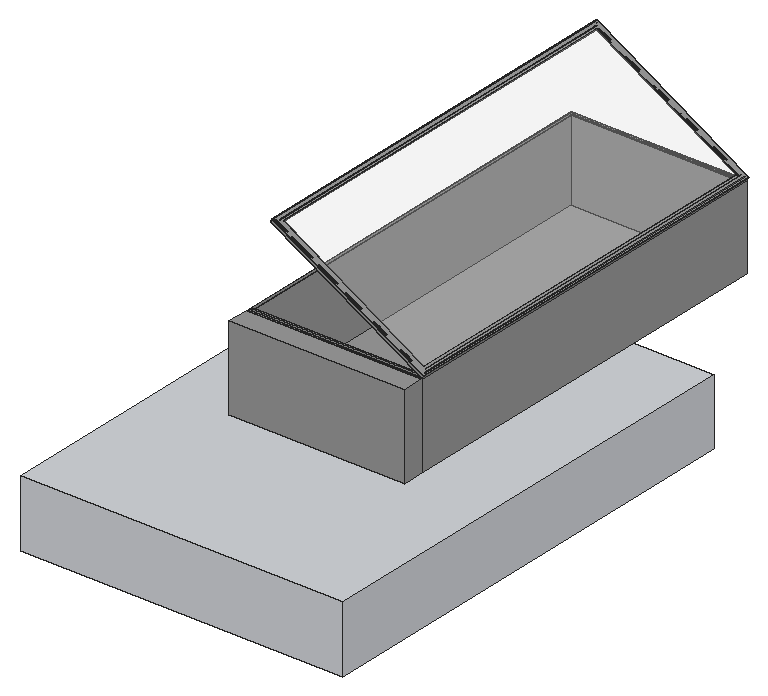
Revit family "Hager-Univers-IP55-D400-H1950-Cl.II-Steel_encl-DE-de", category Equipement électrique, Revit 2020
Family settings
  Hôte = Face
  Configuration du panneau = Deux colonnes, circuits au sein
  Cote de connecteur circulaire = Utiliser le diamètre
  Type d'élément = Tableau de raccordement
  Couper avec des vides une fois chargée = Non
  Partagée = Non
  Point de calcul de pièce = Non
Parameters (values of type "Bodenaufstellung IP55 B800 H1950 T400  - FR23U1")
  Width Control [instance] = if([EF000008 - Breite] > Min Width, [EF000008 - Breite], Min Width)  # 800 mm
  Commentaires du type = [HG000003 - Bereich]  # "Univers"
  Thickness Door [instance] = if([EF009171 - Materialstärke Tür/Deckel] > 3 mm, 3 mm, [EF009171 - Materialstärke Tür/Deckel])  # 1.5 mm
  Seal Frame Offset [instance] = 17 mm  # constant formula
  Plinth Visibility [instance] = [HG000027 - Sockelhöhe] > 0 mm  # yes
  Model = ""
  Min Width [instance] = 100 mm  # constant formula
  Min Height [instance] = 100 mm  # constant formula
  Min Depth [instance] = (2 * [EF009170 - Materialstärke Gehäuse]) + 1 mm  # 4 mm
  Internal Frame Depth [instance] = (Door System Depth * 0.5)  # 9 mm
  Height Control [instance] = if([EF000040 - Höhe] > Min Height, [EF000040 - Höhe], Min Height)  # 1950 mm
  HG000027 - Sockelhöhe = 100 mm
  HG000026 - Stehend auf dem Boden = yes
  HG000024 - Höhe des unteren Teils = 800 mm
  HG000023 - Gehäuse mit doppeltem Querschnitt = no
  HG000016 - 3D-Türsichtbarkeit [instance] = yes
  HG000015 - Sichtbarkeit der Türöffnung [instance] = no
  HG000014 - Tür rechts [instance] = yes
  HG000013 - Tür links [instance] = not([HG000014 - Tür rechts])  # no
  HG000012 - Türschwenkwinkel [instance] = 30.00°
  HG000010 - Asymmetrische Türen = no
  HG000009 - Doppelflügeligen Tür = no
  HG000006 - Unterputz = no
  HG000004 - Herstellerreferenz = "FR23U1"
  HG000003 - Bereich = "Univers"
  HG000002 - Mit tür = yes
  Frame Offset Bottom [instance] = 10 mm  # constant formula
  Frame Offset [instance] = 15 mm  # constant formula
  EF015940 - Deckel mit Überdruckentlastung = no
  EF011959 - Schutzart (NEMA) = ""
  EF009554 - Anzahl der Öffnungen für Flanschplatten = 6
  Fabricant = "Hager"  # constant formula
  EF009212 - Ausführung Deckel = "EV000116 - geschlossen"
  EF009171 - Materialstärke Tür/Deckel = 1.5 mm
  EF009170 - Materialstärke Gehäuse = 1.5 mm
  EF008873 - Nennstrom (In) = 800 A
  EF007800 - Geeignet für Blitzschutz = no
  EF006306 - Mit Schloss = no
  EF006244 - Transparenter Deckel/Tür = yes
  EF005474 - Schutzart (IP) = "EV006420 - IP55"
  EF004464 - Art der Tür = "EV002646 - Einzel"
  EF004427 - Anzahl der Module = 432
  EF004293 - Schlagfestigkeit = "EV008784 - IK10"
  EF003532 - Geeignet für Außengebrauch = no
  EF002950 - Breite in Teilungseinheiten = 24
  EF001613 - Funktionserhalt = "EV000494 - ohne"
  EF001596 - Werkstoff des Gehäuses = "EV000179 - Stahl"
  EF001131 - Innentiefe = 400 mm
  EF001088 - Anbaumöglichkeit = yes
  EF000437 - Anzahl der Leitungseinführungen = 6
  EF000339 - Art der Abdeckung = "EV004216 - Tür"
  EF000266 - Anzahl der Reihen = 12
  EF000218 - Einbautiefe = 0 mm
  EF000118 - Mit Montageplatte = no
  EF000116 - RAL-Nummer = "7035"
  EF000049 - Tiefe = 400 mm
  EF000040 - Höhe = 1950 mm
  EF000008 - Breite = 800 mm
  EF000007 - Farbe = "EV000270 - grau"
  EF000003 - Montageart = "EV012274 - Bodenaufstellung"
  Door System Leaf Tolerance [instance] = 1.5 mm  # constant formula
  Door System Depth [instance] = 18 mm  # constant formula
  Door Height [instance] = Height Control - [HG000027 - Sockelhöhe]  # 1850 mm
  Depth Control [instance] = if([EF000049 - Tiefe] > Min Depth, [EF000049 - Tiefe], Min Depth)  # 400 mm
  Default Elevation = 0 mm
  Connector Offset [instance] = Height Control / 2  # 975 mm
  Bottom Top Plate Trim [instance] = 1.5 mm  # constant formula
  Plinth height Ctrl [instance] = if([HG000027 - Sockelhöhe] > 0 mm, [HG000027 - Sockelhöhe], 12 mm)  # 100 mm
Types (11, lengths in mm): name | Width Control | HG000010 - Asymmetrische Türen | HG000009 - Doppelflügeligen Tür | HG000004 - Herstellerreferenz | EF009554 - Anzahl der Öffnungen für Flanschplatten | EF006244 - Transparenter Deckel/Tür | EF004464 - Art der Tür | EF004427 - Anzahl der Module | EF000437 - Anzahl der Leitungseinführungen | EF000008 - Breite
  Bodenaufstellung IP55 B1050 H1950 T400  - FR24H1 | 1050 | yes | yes | "FR24H1" | 8 | no | "EV003602 - Doppel" | 576 | 8 | 1050
  Bodenaufstellung IP55 B1050 H1950 T400  - FR24U1 | 1050 | yes | yes | "FR24U1" | 8 | yes | "EV003602 - Doppel" | 576 | 8 | 1050
  Bodenaufstellung IP55 B1300 H1950 T400  - FR25H1 | 1300 | yes | yes | "FR25H1" | 10 | no | "EV003602 - Doppel" | 720 | 10 | 1300
  Bodenaufstellung IP55 B1300 H1950 T400  - FR25U1 | 1300 | yes | yes | "FR25U1" | 10 | yes | "EV003602 - Doppel" | 720 | 10 | 1300
  Bodenaufstellung IP55 B1550 H1950 T400  - FR26H1 | 1550 | yes | yes | "FR26H1" | 12 | no | "EV003602 - Doppel" | 864 | 12 | 1550
  Bodenaufstellung IP55 B1550 H1950 T400  - FR26U1 | 1550 | yes | yes | "FR26U1" | 12 | yes | "EV003602 - Doppel" | 864 | 12 | 1550
  Bodenaufstellung IP55 B300 H1950 T400  - FR21H1 | 300 | no | no | "FR21H1" | 2 | no | "EV002646 - Einzel" | 144 | 2 | 300
  Bodenaufstellung IP55 B550 H1950 T400  - FR22H1 | 550 | no | no | "FR22H1" | 4 | no | "EV002646 - Einzel" | 288 | 4 | 550
  Bodenaufstellung IP55 B550 H1950 T400  - FR22U1 | 550 | no | no | "FR22U1" | 4 | yes | "EV002646 - Einzel" | 288 | 4 | 550
  Bodenaufstellung IP55 B800 H1950 T400  - FR23H1 | 800 | no | no | "FR23H1" | 6 | no | "EV002646 - Einzel" | 432 | 6 | 800
  Bodenaufstellung IP55 B800 H1950 T400  - FR23U1 | 800 | no | no | "FR23U1" | 6 | yes | "EV002646 - Einzel" | 432 | 6 | 800
Reference planes
  plane 1 "Center (Front/Back)": y = 0
  plane 2: z = 0
  plane 3 "Center (Left/Right)": x = 0
  plane 4: z = 400
  plane 5: y = 101.5
  plane 6: y = 1025
  plane 7: y = 100
  plane 8: y = 1950
  plane 9: z = 0
  plane 10: x = -385
  plane 11: x = 385
  plane 12: x = 383.5
  plane 13: x = -383.5
  plane 14: y = 1948.5
  plane 15: x = -383
  plane 16: x = -400
  plane 17: x = 383
  plane 18: x = 400
  plane 19: x = 398.5
  plane 20: x = -398.5
  plane 21: y = 111.5
  plane 22: y = 1950
  plane 23: y = 1933.5
  plane 24: z = 382
  plane 25: z = 1.5
  plane 26: z = 380.5
  plane 27: z = 398.5
Forms (mm)
  Extrusion 1, solid
    sketch origin (0, 0, 0) x (1, 0, 0) y (0, 1, 0)
      loop
        line (-702.964, 1305) -> (-702.964, -811.445) -> (766.763, -811.445) -> (766.763, 1305) -> (-702.964, 1305)
    from 0 to -304.8
  Extrusion 2, solid, material "Hager_Steel_RAL7035_Light_Grey", visible <- "Plinth Visibility", detail levels medium+fine
    sketch origin (0, 0, 0) x (1, 0, 0) y (0, 1, 0)
      loop
        line (-400, 0) -> (400, 0) -> (400, 100) -> (-400, 100) -> (-400, 0)
    from 0 to 382
  Extrusion 3, solid, material "Hager_Steel_RAL7035_Light_Grey", detail levels medium+fine
    sketch origin (0, 0, 0) x (1, 0, 0) y (0, 1, 0)
      loop
        line (-400, 100) -> (400, 100) -> (400, 1950) -> (-400, 1950) -> (-400, 100)
    from 0 to 382
  Extrusion 4, void
    sketch origin (0, 0, 0) x (1, 0, 0) y (0, 1, 0)
      loop
        line (-398.5, 101.5) -> (398.5, 101.5) -> (398.5, 1948.5) -> (-398.5, 1948.5) -> (-398.5, 101.5)
    from 1.5 to 380.5
  Extrusion 5, void
    sketch origin (-381.607, -4572, 382) x (0, -1, 0) y (-1, 0, 0)
      loop
        line (-4683.5, 1.893) -> (-6505.5, 1.893) -> (-6505.5, -765.107) -> (-4683.5, -765.107) -> (-4683.5, 1.893)
    from 0 to 1.5 <- "EF009170 - Materialstärke Gehäuse"
  Extrusion 6, solid, material "Hager_Steel_RAL7035_Light_Grey", detail levels fine
    sketch origin (0, 0, 382) x (1, 0, 0) y (0, 1, 0)
      loop
        line (-383.5, 1933.5) -> (-383.5, 111.5) -> (383.5, 111.5) -> (383.5, 1933.5) -> (-383.5, 1933.5)
      loop
        line (-385, 110) -> (385, 110) -> (385, 1935) -> (-385, 1935) -> (-385, 110)
    from 0 to 9 <- "Internal Frame Depth"
  Extrusion 7, solid, material "Hager_Steel_RAL7035_Light_Grey", detail levels coarse
    sketch origin (0, 0, 0) x (1, 0, 0) y (0, 1, 0)
      loop
        line (-400, 0) -> (400, 0) -> (400, 1950) -> (-400, 1950) -> (-400, 0)
    from 0 to 400
  Sweep 8, void
    path in 3D
      loop
        line (-400, 100, 0) -> (400, 100, 0) -> (400, 100, 382) -> (-400, 100, 382) -> (-400, 100, 0)
    profile origin (-400, 100, 191) x (-1, 0, 0) y (0, -1, 0)
      loop
        line (0, 0) -> (0, 1.5) -> (-1.5, 1.5)
        arc (-1.5, 1.5) -> (-1.061, 0.439) -> (0, 0) r 1.5
Cuts and joins
  Extrusion 4, Extrusion 5 cuts Extrusion 3
  Sweep 8 cuts Extrusion 2
Lines and regions (mm)
  Masking region 1
    outline origin (0, 0, 0) x (1, 0, 0) y (0, 0, 1)
      loop
        line (-400, 400) -> (-400, 0) -> (400, 0) -> (400, 400) -> (-400, 400)
  Masking region 2, detail levels medium+fine
    outline origin (0, 140, 0) x (0, 1, 0) y (0, 0, 1)
      loop
        line (-40, 0) -> (1810, 0) -> (1810, 382) -> (-40, 382) -> (-40, 0)
  Masking region 3, not visible, detail levels medium+fine
    outline origin (0, 297.922, 0) x (0, 1, 0) y (0, 0, 1)
      loop
        line (738.578, 0) -> (778.578, 0) -> (778.578, 388.5)
        arc (778.578, 388.5) -> (775.649, 395.571) -> (768.578, 398.5) r 10
        line (768.578, 398.5) -> (738.578, 398.5) -> (738.578, 0)
  Masking region 4, detail levels coarse
    outline origin (0, 0, 180) x (0, 1, 0) y (0, 0, 1)
      loop
        line (0, -180) -> (1950, -180) -> (1950, 220) -> (0, 220) -> (0, -180)
  Masking region 5, visible <- "Plinth Visibility", detail levels medium+fine
    outline origin (0, 52.24, 12.345) x (0, 0, -1) y (0, 1, 0)
      loop
        line (10.845, 47.76) -> (-368.155, 47.76)
        arc (-368.155, 47.76) -> (-368.594, 46.699) -> (-369.655, 46.26) r 1.5
        line (-369.655, 46.26) -> (-369.655, -52.24) -> (12.345, -52.24) -> (12.345, 46.26)
        arc (12.345, 46.26) -> (11.285, 46.699) -> (10.845, 47.76) r 1.5
  Masking region 6, detail levels medium+fine
    outline origin (-381.607, -4572, 382) x (-1, 0, 0) y (0, -1, 0)
      loop
        line (18.393, -6522) -> (18.393, -4672) -> (-781.607, -4672) -> (-781.607, -6522) -> (18.393, -6522)
  Masking region 7, visible <- "Plinth Visibility", detail levels medium+fine
    outline origin (-381.607, -4727, 382) x (-1, 0, 0) y (0, -1, 0)
      loop
        arc (16.893, -4827) -> (17.332, -4825.939) -> (18.393, -4825.5) r 1.5
        line (18.393, -4825.5) -> (18.393, -4727) -> (-781.607, -4727) -> (-781.607, -4825.5)
        arc (-781.607, -4825.5) -> (-780.546, -4825.939) -> (-780.107, -4827) r 1.5
        line (-780.107, -4827) -> (16.893, -4827)
  Masking region 8, detail levels coarse
    outline origin (-442.548, -4669.526, 382) x (-1, 0, 0) y (0, -1, 0)
      loop
        line (-42.548, -6619.526) -> (-42.548, -4669.526) -> (-842.548, -4669.526) -> (-842.548, -6619.526) -> (-42.548, -6619.526)
  sketch lines
    curve 1: line (-400, 100, 382) -> (-400, 100, 0)
    curve 2: line (400, 100, 382) -> (-400, 100, 382)
    curve 3: line (400, 100, 382) -> (400, 100, 0)
    curve 4: line (-400, 100, 0) -> (400, 100, 0)
Dimensions and locks
  "Depth Control": plane 4 to Extrusion 1
  "HG000027 - Sockelhöhe": plane 1 "Center (Front/Back)" to plane 7
  "EF009170 - Materialstärke Gehäuse": plane 5 to plane 7
  locked: connector elem to plane 3 "Center (Left/Right)"
  equal spacing: plane 8, plane 6, plane 7
  locked: connector elem to plane 6
  "EF009170 - Materialstärke Gehäuse": plane 8 to plane 14
  "EF009170 - Materialstärke Gehäuse": plane 10 to plane 13
  "EF009170 - Materialstärke Gehäuse": plane 12 to plane 11
  "Frame Offset": plane 20 to plane 13
  "Frame Offset": plane 12 to plane 19
  "EF009170 - Materialstärke Gehäuse": plane 16 to plane 20
  "EF009170 - Materialstärke Gehäuse": plane 19 to plane 18
  "Seal Frame Offset": plane 16 to plane 15
  "Seal Frame Offset": plane 17 to plane 18
  "Frame Offset Bottom": plane 21 to plane 5
  "Frame Offset": plane 14 to plane 23
  equal spacing: plane 16, plane 3 "Center (Left/Right)", plane 18
  "Width Control": plane 16 to plane 18
  "EF009170 - Materialstärke Gehäuse": plane 4 to plane 27
  "EF009170 - Materialstärke Gehäuse": plane 24 to plane 26
  "EF009170 - Materialstärke Gehäuse": plane 25 to level
  "Door System Depth": plane 4 to plane 24
  "Height Control": plane 1 "Center (Front/Back)" to Extrusion 7 sketch curve
  "Height Control": Masking region 4 sketch curve to plane 1 "Center (Front/Back)"
  "Height Control": plane 1 "Center (Front/Back)" to plane 22
  "Bottom Top Plate Trim": profile plane to Sweep 8 sketch curve
  "Bottom Top Plate Trim": Sweep 8 sketch curve to profile plane
  "Plinth height Ctrl": plane 1 "Center (Front/Back)" to Extrusion 2 sketch curve
  "Plinth height Ctrl": Masking region 5 sketch curve to plane 1 "Center (Front/Back)"
  "Plinth height Ctrl": plane 1 "Center (Front/Back)" to Masking region 7 sketch curve
  "Thickness Door": Extrusion 6 sketch curve to Extrusion 6 sketch curve  (x3)
  "Thickness Door": cut or joined group of Extrusion 3, Extrusion 4, Extrusion 5 to Extrusion 6 sketch curve
  radius of Masking region 3 sketch curve = 10 mm
  "Bottom Top Plate Trim": radius of Masking region 5 sketch curve  (x2)
  "Bottom Top Plate Trim": radius of Sweep 8 sketch curve
  "Bottom Top Plate Trim": radius of Masking region 7 sketch curve  (x2)
  aligned and locked: plane 2 to Extrusion 1
  aligned and locked: level to Extrusion 1
  aligned and locked: level to Masking region 1 sketch curve
  aligned and locked: Masking region 1 sketch curve to plane 18
  aligned and locked: Masking region 1 sketch curve to plane 16
  aligned and locked: plane 7 to Masking region 2 sketch curve
  aligned and locked: level to Masking region 3 sketch curve
  aligned and locked: Masking region 3 sketch curve to plane 27
  aligned and locked: level to Masking region 2 sketch curve
  aligned and locked: plane 1 "Center (Front/Back)" to Extrusion 2 sketch curve
  aligned and locked: Extrusion 3 sketch curve to plane 7
  aligned and locked: plane 16 to Extrusion 3 sketch curve
  aligned and locked: plane 18 to Extrusion 3 sketch curve
  aligned and locked: plane 20 to Extrusion 4 sketch curve
  aligned and locked: plane 19 to Extrusion 4 sketch curve
  aligned and locked: Extrusion 4 sketch curve to plane 5
  aligned and locked: Extrusion 4 to plane 25
  aligned and locked: plane 26 to Extrusion 4
  aligned and locked: plane 24 to Extrusion 3
  aligned and locked: Extrusion 5 sketch curve to plane 21
  aligned and locked: Extrusion 5 sketch curve to plane 13
  aligned and locked: Extrusion 5 sketch curve to plane 12
  aligned and locked: plane 18 to Extrusion 7 sketch curve
  aligned and locked: plane 1 "Center (Front/Back)" to Extrusion 7 sketch curve
  aligned and locked: plane 16 to Extrusion 7 sketch curve
  aligned and locked: plane 4 to Extrusion 7
  aligned and locked: Extrusion 7 to level
  aligned and locked: level to Masking region 4 sketch curve
  aligned and locked: Masking region 4 sketch curve to plane 1 "Center (Front/Back)"
  aligned and locked: Masking region 4 sketch curve to plane 4
  aligned and locked: nested 1 to level
  aligned and locked: nested 1 to plane 16
  aligned and locked: plane 8 to Extrusion 3 sketch curve
  aligned and locked: plane 23 to Extrusion 5 sketch curve
  aligned and locked: plane 14 to Extrusion 4 sketch curve
  aligned and locked: Masking region 2 sketch curve to plane 8
  aligned and locked: level to Masking region 5 sketch curve
  aligned and locked: plane 16 to Extrusion 2 sketch curve
  aligned and locked: plane 18 to Extrusion 2 sketch curve
  aligned and locked: Masking region 5 sketch curve to plane 24
  aligned and locked: Masking region 2 sketch curve to plane 24
  aligned and locked: plane 24 to Extrusion 2
  aligned and locked: profile plane to Sweep 8 sketch curve  (x2)
  aligned and locked: Masking region 6 sketch curve to plane 18
  aligned and locked: Masking region 6 sketch curve to plane 22
  aligned and locked: Masking region 6 sketch curve to plane 16
  aligned and locked: plane 8 to plane 22
  aligned and locked: Masking region 6 sketch curve to plane 7
  aligned and locked: Masking region 7 sketch curve to plane 16
  aligned and locked: Masking region 7 sketch curve to plane 1 "Center (Front/Back)"
  aligned and locked: Masking region 7 sketch curve to plane 18
  aligned and locked: Masking region 8 sketch curve to plane 1 "Center (Front/Back)"
  aligned and locked: Masking region 8 sketch curve to plane 18
  aligned and locked: Masking region 8 sketch curve to plane 22
  aligned and locked: Masking region 8 sketch curve to plane 16
  aligned and locked: nested 2 to plane 7
  aligned and locked: plane 3 "Center (Left/Right)" to nested 2
  aligned and locked: nested 2 to plane 24
  aligned and locked: Extrusion 6 sketch curve to cut or joined group of Extrusion 3, Extrusion 4, Extrusion 5  (x4)
Automatic sketch dimensions
  Extrusion 1 sketch curve to Extrusion 1 sketch curve = 1469.727 mm
  Extrusion 1 sketch curve to Extrusion 1 sketch curve = 2116.445 mm
  Masking region 1 sketch curve to plane 4 = 0 mm
  plane 6 to Masking region 3 sketch curve = 11.5 mm
  Masking region 3 sketch curve to Masking region 3 sketch curve = 30 mm
  Masking region 5 sketch curve to plane 1 "Center (Front/Back)" = 0 mm
Nested families
  nested 1: "Hager_Enclosure_Symbol" at (-400, 0, 0) x (1, 0, 0) z (0, -1, 0), Height <- "Depth Control", Width <- "Width Control", type "Hager_Enclosure_Symbol"
    with Width_Ctrl 800 mm, Width 800 mm, Height_Ctrl 400 mm, Height 400 mm, A_Width_Int 26.25 mm, A_Width 315 mm, A_Height_Ctrl 350 mm, A_Height 350 mm
  nested 2: "EC000058_Univers_Door" at (0, 100, 382) x (1, 0, 0) z (0, 1, 0), Leaf_Tolerance <- "Door System Leaf Tolerance", Angle <- "HG000012 - Türschwenkwinkel", Door_Depth <- "Door System Depth", Door_Left <- "HG000013 - Tür links", Transparent <- "EF006244 - Transparenter Deckel/Tür", Assymetrical <- "HG000010 - Asymmetrische Türen", Width <- "Width Control", Clearance <- "HG000015 - Sichtbarkeit der Türöffnung", Double <- "HG000009 - Doppelflügeligen Tür", 3d_Door <- "HG000016 - 3D-Türsichtbarkeit", Lock_Visibility <- "EF006306 - Mit Schloss", Width_Ctrl <- "Width Control", Door_Right <- "HG000014 - Tür rechts", Door <- "HG000002 - Mit tür", Height <- "Door Height", Thickness <- "Thickness Door", type "EC000058_Univers_Door", detail levels medium+fine
    with min_wh 4 mm, Width_Ctrl 800 mm, Width 800 mm, Transparent yes, Thickness 1.5 mm, Seal_Material Hager_Rubber, Lock_Visibility no, Lock_Material Hager_Plastic_RAL9005_Jet_Black, Leaf_Width 800 mm, Leaf_Tolerance_External_Sides 0 mm, Leaf_Tolerance 1.5 mm, Leaf_Offset 0 mm, Leaf_Height 1847 mm, Leaf_2_Width 800 mm, Leaf_2_Offset 400 mm, Leaf_1_Width 800 mm, Leaf_1_Offset 400 mm, Height_Ctrl 1850 mm, Height 1850 mm, Glass_Material Hager_Glass, Double_Clearance_Ctrl no, Double no, Door_Right_Ctrl yes, Door_Right yes, Door_Material Hager_Steel_RAL7035_Light_Grey, Door_Left_Ctrl no, Door_Left no, Door_Depth 18 mm, Door yes, Clearance_Material Hager_Clearance, Clearance_Depth 800 mm, Clearance_Ctrl no, Clearance no, Assymetrical no, Angle 30.00°, 3d_Door yes
Connectors
  electrical at (0, 1025, 0)
    settings: on plane 9, index 1, voltage 0 V, apparent load 0 VA, apparent load phase1 0 VA, apparent load phase2 0 VA, apparent load phase3 0 VA, power factor 1, load classification "Other", number of poles 1, system type 30, power factor state 1, is connector primary yes, connector utility no, sub classification motor no, connector description ""
Definition of nested family "EC000058_Univers_Door"
  Parameters (values of type "EC000058_Univers_Door")
    min_wh [instance] = (2 * Thickness) + 1 mm  # 11 mm
    Width_Ctrl [instance] = 400 mm
    Width [instance] = 500 mm
    Transparent [instance] = yes
    Thickness [instance] = 5 mm
    Seal_Material [instance] = none
    Lock_Visibility [instance] = yes
    Lock_Material [instance] = none
    Leaf_Width [instance] = if((Width_Ctrl - 2 * Leaf_Tolerance_External_Sides) > 0 mm, (Width_Ctrl - 2 * Leaf_Tolerance_External_Sides), min_wh)  # 400 mm
    Leaf_Tolerance_External_Sides [instance] = 0 mm  # constant formula
    Leaf_Tolerance [instance] = 1.5 mm
    Leaf_Offset [instance] = 0 mm  # constant formula
    Leaf_Height [instance] = if((Height_Ctrl - 2 * Leaf_Tolerance) > 0 mm, (Height_Ctrl - 2 * Leaf_Tolerance), min_wh)  # 497 mm
    Leaf_2_Width [instance] = if(and(and(Double, Assymetrical), Door_Left), (Leaf_Width / 3) - (Leaf_Tolerance / 2), if(and(and(Double, Assymetrical), Door_Right), (Leaf_Width / 3) * 2 - (Leaf_Tolerance / 2), if(and(Double, not(Assymetrical)), (Leaf_Width / 2) - Leaf_Tolerance, Leaf_Width)))  # 400 mm
    Leaf_2_Offset [instance] = if(and(Double, Assymetrical), Leaf_2_Width / 2, if(and(Double, not(Assymetrical)), Leaf_Width / 4, Leaf_Width / 2))  # 200 mm
    Leaf_1_Width [instance] = if(and(and(Double, Assymetrical), Door_Right), (Leaf_Width / 3) - (Leaf_Tolerance / 2), if(and(and(Double, Assymetrical), Door_Left), (Width / 3) * 2 - (Leaf_Tolerance / 2), if(and(Double, not(Assymetrical)), (Leaf_Width / 2) - Leaf_Tolerance, Leaf_Width)))  # 400 mm
    Leaf_1_Offset [instance] = if(and(Double, Assymetrical), Leaf_1_Width / 2, if(and(Double, not(Assymetrical)), Leaf_Width / 4, Leaf_Width / 2))  # 200 mm
    Height_Ctrl [instance] = if(Height > min_wh, Height, min_wh)  # 500 mm
    Height [instance] = 500 mm
    Glass_Material [instance] = none
    Double_Clearance_Ctrl [instance] = and(Double, Clearance)  # no
    Double [instance] = no
    Door_Right_Ctrl [instance] = and(or(Door_Right, Double), Door)  # yes
    Door_Right [instance] = yes
    Door_Material [instance] = none
    Door_Left_Ctrl [instance] = and(or(Door_Left, Double), Door)  # no
    Door_Left [instance] = no
    Door_Depth [instance] = 30 mm
    Door [instance] = yes
    Default Elevation = 1219.2 mm
    Clearance_Material [instance] = none
    Clearance_Depth [instance] = if(Leaf_1_Width > Leaf_2_Width, Leaf_1_Width, Leaf_2_Width)  # 400 mm
    Clearance_Ctrl [instance] = and(not(Double), Clearance)  # yes
    Clearance [instance] = yes
    Assymetrical [instance] = yes
    Angle [instance] = 30.00°
    3d_Door [instance] = yes
  Reference planes
    plane 1 "Center (Front/Back)": y = 0
    plane 2 "Bottom": z = 0
    plane 3 "Center (Left/Right)": x = 0
    plane 4: z = 500
    plane 5: x = -200
    plane 6: x = 200
    plane 7: z = 500
    plane 8: x = -200
    plane 9: z = 0
    plane 10: x = 200
    plane 11: y = 0
    plane 12: z = 1.5
    plane 13: x = -600
    plane 14: y = -400
    plane 15: x = 600
    plane 16: x = 0
    plane 17: x = 0
    plane 18: x = -200
    plane 19: x = 200
    plane 20: z = 498.5
  Forms (mm)
    Extrusion 1, solid, material <- "Clearance_Material", visible <- "Double_Clearance_Ctrl"
      sketch origin (1200, 0, 0) x (1, 0, 0) y (0, 0, -1)
        loop
          line (-1800, -498.5) -> (-600, -498.5) -> (-600, 0) -> (-1800, 0) -> (-1800, -498.5)
      from 0 to -400
  Dimensions and locks
    equal spacing: plane 5, plane 3 "Center (Left/Right)", plane 6
    "Width_Ctrl": plane 5 to plane 6
    "Leaf_Offset": plane 5 to plane 8
    "Leaf_Offset": plane 6 to plane 10
    "Leaf_Offset": plane 9 to level
    "Leaf_Offset": plane 4 to plane 7
    "Height_Ctrl": plane 4 to level
    "Leaf_Tolerance": plane 12 to plane 9
    locked: plane 11 to plane 1 "Center (Front/Back)"
    "Leaf_1_Offset": plane 18 to plane 16
    "Leaf_2_Offset": plane 17 to plane 19
    "Leaf_1_Width": plane 13 to plane 8
    "Leaf_2_Width": plane 10 to plane 15
    "Clearance_Depth": plane 14 to plane 1 "Center (Front/Back)"
    "Leaf_Tolerance_External_Sides": plane 8 to plane 18
    "Leaf_Tolerance_External_Sides": plane 19 to plane 10
    "Leaf_Tolerance": plane 7 to plane 20
    aligned and locked: level to plane 2 "Bottom"
    aligned and locked: nested 1 to plane 16
    aligned and locked: nested 2 to plane 17
    aligned and locked: Extrusion 1 to plane 13
    aligned and locked: plane 15 to Extrusion 1
    aligned and locked: Extrusion 1 to plane 14
    aligned and locked: plane 12 to nested 1
    aligned and locked: nested 2 to plane 12
    aligned and locked: Extrusion 1 to plane 11
    aligned and locked: plane 20 to Extrusion 1
    aligned and locked: nested 2 to plane 11
    aligned and locked: nested 1 to plane 11
  Automatic sketch dimensions
    Extrusion 1 sketch curve to level = 0 mm
    plane 5 to Extrusion 1 sketch curve = 400 mm
    plane 6 to Extrusion 1 sketch curve = 400 mm
    Extrusion 1 sketch curve to plane 4 = 1.5 mm
  Nested families
    nested 1: "EC000058_Univers_Door_Leaf" at (0, 0, 1.5), Width <- "Leaf_1_Width", visible <- "Door_Left_Ctrl", Leaf_Height <- "Leaf_Height", Angle <- "Angle", 3d_Door <- "3d_Door", Transparent <- "Transparent", Clearance Material <- "Clearance_Material", Clearance <- "Clearance_Ctrl", Door_Material <- "Door_Material", Glass_Material <- "Glass_Material", Door_Depth <- "Door_Depth", Lock_Material <- "Lock_Material", Seal_Material <- "Seal_Material", Lock_Visibility <- "Lock_Visibility", Thickness <- "Thickness", type "EC000058_Univers_Door_Leaf"
      with Width 400 mm, Transparent_Glass_Offset 30 mm, Transparent_Ctrl yes, Transparent yes, Thickness 5 mm, Standard no, Seal_Material none, Seal_D2 8 mm, Seal_D1 1 mm, Offset_Internal_Frame 10 mm, Lock_Width 20 mm, Lock_Visibility_3d yes, Lock_Visibility yes, Lock_Thickness_3 3 mm, Lock_Thickness_2 1 mm, Lock_Thickness_1 3 mm, Lock_Radius_Offset_2 16 mm, Lock_Radius_Offset_1 15 mm, Lock_Radius_2 5 mm, Lock_Radius 6 mm, Lock_Offset 5 mm, Lock_Material none, Lock_Height 80 mm, Lock_Cover_Top_Offset_2d 17 mm, Lock_Cover_Height -65 mm, Leaf_Height 497 mm, Internal_Seal_Thickness 8 mm, Internal_Seal_Depth_2 4.5 mm, Internal_Frame_Depth 25 mm, Glass_Thickness -1 mm, Glass_Offset -2 mm, Glass_Material none, Door_Material none, Door_Depth 30 mm, Clearance Material none, Clearance yes, Angle_Ctrl 30.00°, Angle 30.00°, 3d_Door yes
    nested 2: "EC000058_Univers_Door_Leaf" at (0, 0, 1.5) x (-1, 0, 0) z (0, 0, 1), Width <- "Leaf_2_Width", visible <- "Door_Right_Ctrl", Leaf_Height <- "Leaf_Height", Angle <- "Angle", 3d_Door <- "3d_Door", Transparent <- "Transparent", Clearance Material <- "Clearance_Material", Clearance <- "Clearance_Ctrl", Door_Material <- "Door_Material", Glass_Material <- "Glass_Material", Door_Depth <- "Door_Depth", Lock_Material <- "Lock_Material", Seal_Material <- "Seal_Material", Lock_Visibility <- "Lock_Visibility", Thickness <- "Thickness", type "EC000058_Univers_Door_Leaf"
      with Width 400 mm, Transparent_Glass_Offset 30 mm, Transparent_Ctrl yes, Transparent yes, Thickness 5 mm, Standard no, Seal_Material none, Seal_D2 8 mm, Seal_D1 1 mm, Offset_Internal_Frame 10 mm, Lock_Width 20 mm, Lock_Visibility_3d yes, Lock_Visibility yes, Lock_Thickness_3 3 mm, Lock_Thickness_2 1 mm, Lock_Thickness_1 3 mm, Lock_Radius_Offset_2 16 mm, Lock_Radius_Offset_1 15 mm, Lock_Radius_2 5 mm, Lock_Radius 6 mm, Lock_Offset 5 mm, Lock_Material none, Lock_Height 80 mm, Lock_Cover_Top_Offset_2d 17 mm, Lock_Cover_Height -65 mm, Leaf_Height 497 mm, Internal_Seal_Thickness 8 mm, Internal_Seal_Depth_2 4.5 mm, Internal_Frame_Depth 25 mm, Glass_Thickness -1 mm, Glass_Offset -2 mm, Glass_Material none, Door_Material none, Door_Depth 30 mm, Clearance Material none, Clearance yes, Angle_Ctrl 30.00°, Angle 30.00°, 3d_Door yes
  Definition of nested family "EC000058_Univers_Door_Leaf"
    Parameters (values of type "EC000058_Univers_Door_Leaf")
      Width [instance] = 2000 mm
      Transparent_Glass_Offset [instance] = 30 mm
      Transparent_Ctrl [instance] = and(Transparent, [3d_Door])  # yes
      Transparent [instance] = yes
      Thickness [instance] = 5 mm
      Standard [instance] = and(not(Transparent), [3d_Door])  # no
      Seal_Material [instance] = none
      Seal_D2 [instance] = 8 mm  # constant formula
      Seal_D1 [instance] = 1 mm  # constant formula
      Offset_Internal_Frame [instance] = 10 mm  # constant formula
      Lock_Width [instance] = 20 mm  # constant formula
      Lock_Visibility_3d [instance] = and(Lock_Visibility, [3d_Door])  # yes
      Lock_Visibility [instance] = yes
      Lock_Thickness_3 [instance] = 3 mm  # constant formula
      Lock_Thickness_2 [instance] = 1 mm  # constant formula
      Lock_Thickness_1 [instance] = 3 mm  # constant formula
      Lock_Radius_Offset_2 [instance] = Lock_Radius_Offset_1 + 1 mm  # 16 mm
      Lock_Radius_Offset_1 [instance] = 15 mm  # constant formula
      Lock_Radius_2 [instance] = Lock_Radius - 1 mm  # 5 mm
      Lock_Radius [instance] = 6 mm  # constant formula
      Lock_Offset [instance] = 5 mm  # constant formula
      Lock_Material [instance] = none
      Lock_Height [instance] = 80 mm  # constant formula
      Lock_Cover_Top_Offset_2d [instance] = Lock_Radius_Offset_2 + 1 mm  # 17 mm
      Lock_Cover_Height [instance] = -(Lock_Height - Lock_Radius_Offset_1)  # -65 mm
      Leaf_Height [instance] = 2720.336 mm
      Internal_Seal_Thickness [instance] = 8 mm  # constant formula
      Internal_Seal_Depth_2 [instance] = 4.5 mm  # constant formula
      Internal_Frame_Depth [instance] = if(Door_Depth - Thickness > 5 mm, Door_Depth - Thickness, 5 mm)  # 25 mm
      Glass_Thickness [instance] = if(Thickness > 15 mm, Glass_Offset + 10 mm, -1 mm)  # -1 mm
      Glass_Offset [instance] = if(Thickness > 15 mm, -(Thickness + 10 mm) / 2, -2 mm)  # -2 mm
      Glass_Material [instance] = none
      Door_Material [instance] = none
      Door_Depth [instance] = 30 mm
      Default Elevation = 0 mm
      Clearance Material [instance] = none
      Clearance [instance] = yes
      Angle_Ctrl [instance] = if(Angle > 180.00°, 180.00°, Angle)  # 90.00°
      Angle [instance] = 90.00°
      3d_Door [instance] = yes
    Reference planes
      plane 1 "Center (Front/Back)": y = 0
      plane 2: z = 0
      plane 3 "Center (Left/Right)": x = 0
      plane 4: y = 2000
      plane 5: x = -1000
      plane 6: x = 1000
      plane 7: x = -3000
      plane 8: z = 2720.336
      plane 9: z = 30
      plane 10: z = 2690.336
      plane 11: x = 970
      plane 12: x = -970
      plane 13: y = -3
      plane 14: z = 107.833
      plane 15: y = -5
      plane 16: y = -223.314
      plane 17: x = -1000
      plane 18: z = 1360.168
      plane 19: y = 30
    Forms (mm)
      Extrusion 1, solid, material <- "Clearance Material", visible <- "Clearance"
        sketch origin (0, 0, 0) x (1, 0, 0) y (0, 0, 1)
          loop
            line (-3000, 2720.336) -> (-3000, 0) -> (1000, 0) -> (1000, 2720.336) -> (-3000, 2720.336)
        from 0 to -2000
      Extrusion 2, solid, material <- "Door_Material", visible <- "Standard", detail levels medium+fine
        sketch origin (-1000, 0, 0) x (0, 1, 0) y (-1, 0, 0)
          loop
            line (0, 30) -> (0, 25) -> (2000, 25) -> (2000, 30) -> (0, 30)
        from 0 to 2720.336 <- "Leaf_Height"
      Extrusion 3, solid, material <- "Door_Material", visible <- "Transparent_Ctrl", detail levels medium+fine
        sketch origin (-1000, 0, 0) x (0, 1, 0) y (-1, 0, 0)
          loop
            line (0, 25) -> (2000, 25) -> (2000, 30) -> (0, 30) -> (0, 25)
        from 0 to 2720.336 <- "Leaf_Height"
      Extrusion 4, void
        sketch origin (-1025, 2000, 0) x (0, 1, 0) y (0, 0, -1)
          loop
            line (-30, -2690.336) -> (-30, -30) -> (-1970, -30) -> (-1970, -2690.336) -> (-30, -2690.336)
        from 0 to 5 <- "Thickness"
      Sweep 5, solid, material <- "Seal_Material", visible <- "Transparent_Ctrl", detail levels fine
        path in 3D
          loop
            line (-1025, 30, 30) -> (-1025, 30, 2690.336) -> (-1025, 1970, 2690.336) -> (-1025, 1970, 30) -> (-1025, 30, 30)
        profile origin (-1025, 1000, 30) x (1, 0, 0) y (0, 0, 1)
          loop
            line (0, 0) -> (0, -8) -> (1, -8) -> (1, 0) -> (0, 0)
      Extrusion 6, solid, material <- "Glass_Material", visible <- "Transparent_Ctrl", detail levels medium+fine
        sketch origin (-1030, 0, 0) x (0, 1, 0) y (0, 0, -1)
          loop
            line (1970, -2690.336) -> (1970, -30) -> (30, -30) -> (30, -2690.336) -> (1970, -2690.336)
        from -2 <- "Glass_Offset" to -1 <- "Glass_Thickness"
      Extrusion 7, solid, material <- "Door_Material", visible <- "3d_Door", detail levels medium+fine
        sketch origin (-1025, 2000, 0) x (0, -1, 0) y (0, 0, -1)
          loop
            line (0, -2720.336) -> (2000, -2720.336) -> (2000, 0) -> (0, 0) -> (0, -2720.336)
          loop
            line (1995, -5) -> (5, -5) -> (5, -2715.336) -> (1995, -2715.336) -> (1995, -5)
        from 0 to 25 <- "Internal_Frame_Depth"
      Sweep 8, solid, material <- "Seal_Material", visible <- "Transparent_Ctrl", detail levels fine
        path in 3D
          loop
            line (-1025, 0, 0) -> (-1025, 2000, 0) -> (-1025, 2000, 2720.336) -> (-1025, 0, 2720.336) -> (-1025, 0, 0)
        profile origin (-1025, 0, 1360.168) x (1, 0, 0) y (0, 1, 0)
          loop
            line (0, 10) -> (2.975, 10)
            arc (2.975, 10) -> (4.053, 10.447) -> (4.5, 11.525) r 1.525
            line (4.5, 11.525) -> (4.5, 16.527)
            arc (4.5, 16.527) -> (4.069, 17.569) -> (3.027, 18) r 1.473
            line (3.027, 18) -> (0, 18) -> (0, 10)
      Extrusion 9, solid, material <- "Lock_Material", visible <- "Lock_Visibility_3d", detail levels fine
        sketch origin (-1030, 0, 0) x (0, 1, 0) y (0, 0, -1)
          loop
            arc (1993.5, -1400.168) -> (1994.561, -1399.729) -> (1995, -1398.668) r 1.5
            line (1995, -1398.668) -> (1995, -1320.168) -> (1975, -1320.168) -> (1975, -1398.668)
            arc (1975, -1398.668) -> (1975.439, -1399.729) -> (1976.5, -1400.168) r 1.5
            line (1976.5, -1400.168) -> (1993.5, -1400.168)
        from 3 <- "Lock_Thickness_1" to 0
      Blend 10, solid, material <- "Lock_Material", visible <- "Lock_Visibility_3d", detail levels fine
        base sketch origin (-1033, 0, 0) x (0, 1, 0) y (0, 0, -1)
          loop
            line (1975, -1320.168) -> (1975, -1398.668)
            arc (1975, -1398.668) -> (1975.439, -1399.729) -> (1976.5, -1400.168) r 1.5
            line (1976.5, -1400.168) -> (1993.5, -1400.168)
            arc (1993.5, -1400.168) -> (1994.561, -1399.729) -> (1995, -1398.668) r 1.5
            line (1995, -1398.668) -> (1995, -1320.168) -> (1975, -1320.168)
        top sketch origin (-1033, 0, 0) x (0, 1, 0) y (0, 0, -1)
          loop
            line (1976, -1320.168) -> (1976, -1398.668)
            arc (1976, -1398.668) -> (1976.146, -1399.022) -> (1976.5, -1399.168) r 0.5
            line (1976.5, -1399.168) -> (1993.5, -1399.168)
            arc (1993.5, -1399.168) -> (1993.854, -1399.022) -> (1994, -1398.668) r 0.5
            line (1994, -1398.668) -> (1994, -1320.168) -> (1976, -1320.168)
        from 0 to 1 <- "Lock_Thickness_2"
      Blend 11, solid, material <- "Lock_Material", visible <- "Lock_Visibility_3d", detail levels fine
        base sketch origin (-1034, 0, 0) x (0, 1, 0) y (0, 0, -1)
          loop
            line (1978, -1320.168) -> (1978, -1384.168)
            arc (1978, -1384.168) -> (1985, -1391.168) -> (1992, -1384.168) r 7
            line (1992, -1384.168) -> (1992, -1320.168) -> (1978, -1320.168)
        top sketch origin (-1034, 0, 0) x (0, 1, 0) y (0, 0, -1)
          loop
            line (1991, -1320.168) -> (1979, -1320.168) -> (1979, -1383.168)
            arc (1979, -1383.168) -> (1985, -1389.168) -> (1991, -1383.168) r 6
            line (1991, -1383.168) -> (1991, -1320.168)
        from 0 to 3 <- "Lock_Thickness_3"
      Extrusion 12, solid, material <- "Lock_Material", visible <- "Lock_Visibility_3d", detail levels fine
        sketch origin (-1030, 1975, 1320.168) x (1, 0, 0) y (0, -1, 0)
          loop
            line (-7, -19) -> (-7, -1) -> (0, -1) -> (0, 0) -> (-8, 0) -> (-8, -20) -> (0, -20) -> (0, -19) -> (-7, -19)
        from 0 to -65 <- "Lock_Cover_Height"
      Extrusion 13, void
        sketch origin (-1038, 1995, 1320.168) x (-1, 0, 0) y (0, 0, -1)
          loop
            line (-5, -65) -> (0, -65) -> (-5, -60) -> (-5, -65)
        from 0 to 20 <- "Lock_Width"
      Extrusion 14, void
        sketch origin (-1038, 1975, 1320.168) x (0, -1, 0) y (0, 0, -1)
          loop
            circle (-10, -15.995) r 6
          loop
            circle (-10, -15.995) r 5
        from 0 to 2
      Extrusion 15, solid, material <- "Lock_Material", visible <- "Lock_Visibility_3d", detail levels medium
        sketch origin (-1030, 0, 0) x (0, 1, 0) y (0, 0, -1)
          loop
            arc (1993.5, -1400.168) -> (1994.561, -1399.729) -> (1995, -1398.668) r 1.5
            line (1995, -1398.668) -> (1995, -1320.168) -> (1975, -1320.168) -> (1975, -1398.668)
            arc (1975, -1398.668) -> (1975.439, -1399.729) -> (1976.5, -1400.168) r 1.5
            line (1976.5, -1400.168) -> (1993.5, -1400.168)
        from 8 to 0
    Cuts and joins
      Extrusion 4 cuts Extrusion 3
      Extrusion 13, Extrusion 14 cuts Extrusion 9
      Extrusion 14 cuts Blend 11
      Extrusion 13, Extrusion 14 cuts Extrusion 12
      joined: Extrusion 9, Blend 10, Blend 11, Extrusion 12
      Extrusion 14 cuts Extrusion 15
    Lines and regions (mm)
      Masking region 1, visible <- "Lock_Visibility", detail levels fine
        outline origin (0, 0, 0) x (0, 1, 0) y (0, 0, 1)
          loop
            line (30, 1320.168) -> (33, 1320.168) -> (33, 1400.168) -> (30, 1400.168) -> (30, 1320.168)
      Masking region 2, visible <- "Lock_Visibility", detail levels fine
        outline origin (0, 3.143, 0) x (0, 1, 0) y (0, 0, 1)
          loop
            line (29.857, 1354.168) -> (30.857, 1354.168) -> (30.857, 1366.168) -> (29.857, 1366.168) -> (29.857, 1354.168)
      Masking region 3, detail levels medium+fine
        outline origin (0, 0, 0) x (0, 1, 0) y (0, 0, 1)
          loop
            line (0, 0) -> (30, 0) -> (30, 2720.336) -> (0, 2720.336) -> (0, 0)
      Masking region 4, detail levels medium+fine
        outline origin (0, 0, 0) x (1, 0, 0) y (0, 0, 1)
          loop
            line (-1000, 2720.336) -> (-1000, 0) -> (1000, 0) -> (1000, 2720.336) -> (-1000, 2720.336)
      Masking region 5, visible <- "Lock_Visibility", detail levels fine
        outline origin (-47.116, 0, 0) x (1, 0, 0) y (0, 0, 1)
          loop
            arc (1024.616, 1399.168) -> (1023.556, 1398.729) -> (1023.116, 1397.668) r 1.5
            line (1023.116, 1397.668) -> (1023.116, 1320.168) -> (1041.116, 1320.168) -> (1041.116, 1397.668)
            arc (1041.116, 1397.668) -> (1040.677, 1398.729) -> (1039.616, 1399.168) r 1.5
            line (1039.616, 1399.168) -> (1024.616, 1399.168)
      Masking region 6, visible <- "Lock_Visibility", detail levels medium+fine
        outline origin (-25, 0, 0) x (1, 0, 0) y (0, 0, 1)
          loop
            arc (1001.5, 1400.168) -> (1000.439, 1399.729) -> (1000, 1398.668) r 1.5
            line (1000, 1398.668) -> (1000, 1320.168) -> (1020, 1320.168) -> (1020, 1398.668)
            arc (1020, 1398.668) -> (1019.561, 1399.729) -> (1018.5, 1400.168) r 1.5
            line (1018.5, 1400.168) -> (1001.5, 1400.168)
      Masking region 7, visible <- "Lock_Visibility", detail levels fine
        outline origin (-73.735, 0, 0) x (1, 0, 0) y (0, 0, 1)
          loop
            line (1051.735, 1382.168) -> (1065.735, 1382.168) -> (1065.735, 1384.168)
            arc (1065.735, 1384.168) -> (1058.735, 1391.168) -> (1051.735, 1384.168) r 7
            line (1051.735, 1384.168) -> (1051.735, 1382.168)
      Masking region 8, visible <- "Lock_Visibility", detail levels fine
        outline origin (-73.735, 0, 0) x (1, 0, 0) y (0, 0, 1)
          loop
            line (1052.735, 1382.168) -> (1064.735, 1382.168) -> (1064.735, 1383.168)
            arc (1064.735, 1383.168) -> (1058.735, 1389.168) -> (1052.735, 1383.168) r 6
            line (1052.735, 1383.168) -> (1052.735, 1382.168)
      Masking region 9, visible <- "Lock_Visibility", detail levels fine
        outline origin (-25, 0, 0) x (1, 0, 0) y (0, 0, 1)
          loop
            line (1020, 1320.168) -> (1020, 1382.168) -> (1000, 1382.168) -> (1000, 1320.168) -> (1020, 1320.168)
      Masking region 10, detail levels medium+fine
        outline origin (0, 0, 0) x (1, 0, 0) y (0, 0, 1)
          loop
            circle (985, 1335.144) r 6
      Masking region 11, detail levels fine
        outline origin (0, 0, 0) x (1, 0, 0) y (0, 0, 1)
          loop
            circle (985, 1335.144) r 5
      Masking region 12, visible <- "Lock_Visibility", detail levels fine
        outline origin (0, 12.767, 0) x (0, 1, 0) y (0, 0, 1)
          loop
            line (20.233, 1320.168) -> (21.233, 1320.168) -> (21.233, 1399.168) -> (20.233, 1400.168) -> (20.233, 1320.168)
      Masking region 13, visible <- "Lock_Visibility", detail levels fine
        outline origin (0, 13.767, -10) x (0, 1, 0) y (0, 0, 1)
          loop
            line (20.233, 1330.168) -> (23.233, 1330.168) -> (23.233, 1399.168) -> (20.233, 1402.168) -> (20.233, 1330.168)
      Masking region 14, visible <- "Lock_Visibility", detail levels fine
        outline origin (0, 12.767, -10) x (0, 1, 0) y (0, 0, 1)
          loop
            line (20.233, 1330.168) -> (25.233, 1330.168) -> (25.233, 1399.305) -> (20.233, 1394.305) -> (20.233, 1330.168)
      Masking region 15, visible <- "Lock_Visibility", detail levels medium
        outline origin (0, 0, 0) x (0, 1, 0) y (0, 0, 1)
          loop
            line (30, 1320.168) -> (38, 1320.168) -> (38, 1400.168) -> (30, 1400.168) -> (30, 1320.168)
      Masking region 16, visible <- "Lock_Visibility", detail levels fine
        outline origin (-1000, 0, 0) x (0, 1, 0) y (-1, 0, 0)
          loop
            line (1975, 30) -> (1995, 30) -> (1995, 38) -> (1975, 38) -> (1975, 30)
          loop
            line (1979, 37) -> (1976, 37) -> (1976, 34) -> (1978, 34) -> (1979, 37)
          loop
            line (1994, 37) -> (1991, 37) -> (1992, 34) -> (1994, 34) -> (1994, 37)
      Masking region 17, visible <- "Lock_Visibility", detail levels medium
        outline origin (-1000, 0, 0) x (0, 1, 0) y (-1, 0, 0)
          loop
            line (1975, 30) -> (1995, 30) -> (1995, 38) -> (1975, 38) -> (1975, 30)
      symbolic lines
        curve 1: line (1000, 0, 0) -> (-3000, 0, 0)
        curve 2: arc (1000, 0, 0) -> (-1000, 2000, 0) -> (-3000, 0, 0) r 2000
        curve 4: line (-1030, 0, 0) -> (-1030, 2000, 0)
      reference lines
        curve 3: line (-1000, 0, 0) -> (-1000, 2000, 0)
      symbolic lines, detail levels medium+fine
        curve 5: line (-1030, 2000, 0) -> (-1025, 2000, 0)
        curve 7: line (-1025, 0, 0) -> (-1030, 0, 0)
        curve 8: line (-1025, 0, 0) -> (-1000, 0, 0)
        curve 9: line (-1000, 0, 0) -> (-1000, 2000, 0)
        curve 10: line (-1000, 2000, 0) -> (-1025, 2000, 0)
      symbolic lines, detail levels fine
        curve 6: line (-1025, 2000, 0) -> (-1025, 0, 0)
      sketch lines
        curve 11: line (-1025, 0, 2720.336) -> (-1025, 0, 0)
        curve 12: line (-1025, 2000, 0) -> (-1025, 0, 0)
        curve 13: line (-1025, 2000, 2720.336) -> (-1025, 2000, 0)
        curve 14: line (-1025, 0, 2720.336) -> (-1025, 2000, 2720.336)
        curve 15: line (-1025, 1970, 30) -> (-1025, 30, 30)
        curve 16: line (-1025, 30, 30) -> (-1025, 30, 2690.336)
        curve 17: line (-1025, 1970, 2690.336) -> (-1025, 1970, 30)
        curve 18: line (-1025, 30, 2690.336) -> (-1025, 1970, 2690.336)
      symbolic lines, visible <- "Transparent", detail levels medium+fine
        curve 19: line (-970, 0, 2690.336) -> (970, 0, 2690.336)
        curve 20: line (-970, 0, 30) -> (-970, 0, 2690.336)
        curve 21: line (970, 0, 30) -> (-970, 0, 30)
        curve 22: line (970, 0, 2690.336) -> (970, 0, 30)
    Dimensions and locks
      "Width": plane 1 "Center (Front/Back)" to plane 4
      equal spacing: plane 5, plane 3 "Center (Left/Right)", plane 6
      "Width": plane 5 to plane 6
      "Width": plane 7 to plane 5
      "Leaf_Height": plane 8 to level
      "Width": curve 5 to curve 3
      "Width": curve 3 to curve 3
      plane 8 to plane 10 = 30 mm
      plane 9 to level = 30 mm
      plane 12 to plane 5 = 30 mm
      plane 6 to plane 11 = 30 mm
      Extrusion 1 to Extrusion 4 sketch curve = 30 mm
      "Transparent_Glass_Offset": curve 3 to Extrusion 4 sketch curve
      "Transparent_Glass_Offset": Extrusion 4 sketch curve to cut or joined group of Extrusion 3, Extrusion 4  (x2)
      cut or joined group of Extrusion 3, Extrusion 4 to Extrusion 6 sketch curve = 30 mm
      "Transparent_Glass_Offset": cut or joined group of Extrusion 3, Extrusion 4 to Extrusion 4 sketch curve
      "Thickness": curve 6 to curve 4
      "Thickness": Extrusion 7 sketch curve to Extrusion 7 sketch curve  (x4)
      "Door_Depth": curve 4 to curve 3
      "Offset_Internal_Frame": profile plane to Sweep 8 sketch curve
      "Internal_Seal_Thickness": Sweep 8 sketch curve to Sweep 8 sketch curve
      "Internal_Seal_Depth_2": profile plane to Sweep 8 sketch curve
      "Seal_D1": profile plane to Sweep 5 sketch curve
      "Seal_D2": profile plane to Sweep 5 sketch curve
      "Thickness": Extrusion 2 sketch curve to Extrusion 2 sketch curve
      equal spacing: Extrusion 9 sketch curve, plane 18, Extrusion 9 sketch curve  (x2)
      equal spacing: Masking region 1 sketch curve, plane 18, Masking region 1 sketch curve
      "Lock_Height": Masking region 1 sketch curve to Masking region 1 sketch curve
      "Lock_Radius": Masking region 2 sketch curve to plane 18 to Masking region 2 sketch curve
      Masking region 2 sketch curve to Masking region 1 = 1 mm
      "Door_Depth": plane 19 to plane 1 "Center (Front/Back)"
      "Lock_Thickness_1": Masking region 1 sketch curve to plane 19
      "Lock_Width": Extrusion 9 sketch curve to Extrusion 9 sketch curve
      "Lock_Height": Extrusion 9 sketch curve to Extrusion 9 sketch curve
      "Lock_Offset": cut or joined group of Extrusion 3, Extrusion 4 to Extrusion 9 sketch curve
      equal spacing: plane 8, plane 18, level
      "Lock_Radius_Offset_1": Blend 11 sketch curve to Blend 10
      locked: Blend 10 to Blend 11 sketch curve at 2  (x2)
      locked: var sketch to Blend 11 sketch curve at 1  (x2)
      "Lock_Radius_Offset_2": Blend 11 sketch curve to Blend 10
      locked: Extrusion 12 sketch curve to Extrusion 12 sketch curve at 1  (x3)
      Masking region 6 sketch curve to Masking region 6 sketch curve = 80 mm
      "Lock_Height": Masking region 6 sketch curve to Masking region 6 sketch curve
      "Lock_Width": Masking region 6 sketch curve to Masking region 6 sketch curve
      locked: Masking region 6 to Masking region 5 sketch curve at 1  (x3)
      locked: Masking region 5 to Masking region 7 sketch curve at 2  (x2)
      "Lock_Radius_Offset_1": Masking region 5 to Masking region 7 sketch curve
      "Lock_Radius_Offset_2": Masking region 5 to Masking region 8 sketch curve
      locked: Masking region 7 to Masking region 8 sketch curve at 1  (x2)
      "Lock_Cover_Top_Offset_2d": Masking region 5 to Masking region 9 sketch curve
      equal spacing: Masking region 9, Masking region 10 sketch curve, Masking region 9
      equal spacing: Masking region 9, Masking region 11 sketch curve, Masking region 9
      Extrusion 15 sketch curve to Extrusion 15 sketch curve = 80 mm
      "Lock_Width": Extrusion 15 sketch curve to Extrusion 15 sketch curve
      "Lock_Height": Extrusion 15 sketch curve to Extrusion 15 sketch curve
      equal spacing: Extrusion 15 sketch curve, plane 18, Extrusion 15 sketch curve
      "Lock_Thickness_3": Masking region 13 sketch curve to Masking region 13 sketch curve
      "Lock_Height": Masking region 12 sketch curve to Masking region 12 sketch curve
      locked: Masking region 13 sketch curve to Masking region 1 at 8
      locked: Masking region 14 sketch curve to Masking region 13 at 1
      locked: Masking region 14 sketch curve to Masking region 1 at 10.863
      "Lock_Height": Masking region 15 sketch curve to Masking region 15 sketch curve
      "Lock_Offset": Extrusion 15 sketch curve to cut or joined group of Extrusion 3, Extrusion 4
      "Lock_Offset": plane 6 to Masking region 6 sketch curve
      radius of Sweep 8 sketch curve = 1.525 mm
      radius of Sweep 8 sketch curve = 1.473 mm
      radius of Extrusion 9 sketch curve = 1.5 mm  (x2)
      "Lock_Radius": radius of Extrusion 14 sketch curve
      "Lock_Radius_2": radius of Extrusion 14 sketch curve
      "Lock_Radius": radius of Masking region 10 sketch curve
      "Lock_Radius_2": radius of Masking region 11 sketch curve
      radius of Extrusion 15 sketch curve = 1.5 mm  (x2)
      "Angle_Ctrl": angle plane 1 "Center (Front/Back)" to curve 3
      locked: Masking region 12 sketch curve to Masking region 12 sketch curve (angle 45.00°)
      locked: Masking region 13 sketch curve to Masking region 13 sketch curve (angle 45.00°)
      locked: Masking region 14 sketch curve to Masking region 14 sketch curve (angle 45.00°)
      aligned and locked: level to plane 2
      aligned and locked: Extrusion 1 to curve 1
      aligned and locked: plane 6 to Extrusion 1
      aligned and locked: Extrusion 1 to plane 1 "Center (Front/Back)"
      aligned and locked: plane 4 to Extrusion 1
      aligned and locked: plane 8 to Extrusion 1
      aligned and locked: curve 7 to Extrusion 2 sketch curve
      aligned and locked: curve 5 to Extrusion 2 sketch curve
      aligned and locked: curve 7 to Extrusion 3 sketch curve
      aligned and locked: Extrusion 3 sketch curve to curve 4
      aligned and locked: Extrusion 3 sketch curve to curve 6
      aligned and locked: Extrusion 3 sketch curve to curve 5
      aligned and locked: curve 9 to curve 3
      aligned and locked: Extrusion 7 sketch curve to cut or joined group of Extrusion 3, Extrusion 4  (x4)
      aligned and locked: plane 17 to curve 3
      aligned and locked: plane 1 "Center (Front/Back)" to curve 3
      aligned and locked: plane 17 to plane 5
      aligned and locked: Sweep 8 sketch curve to profile plane
      aligned and locked: Sweep 5 sketch curve to profile plane  (x2)
      aligned and locked: Masking region 1 to Masking region 2 sketch curve
      aligned and locked: plane 19 to Masking region 1 sketch curve
      aligned and locked: plane 1 "Center (Front/Back)" to Masking region 3 sketch curve
      aligned and locked: plane 19 to Masking region 3 sketch curve
      aligned and locked: level to Masking region 3 sketch curve
      aligned and locked: Masking region 3 sketch curve to plane 8
      aligned and locked: plane 17 to Masking region 4 sketch curve
      aligned and locked: level to Masking region 4 sketch curve
      aligned and locked: Masking region 4 sketch curve to plane 8
      aligned and locked: plane 12 to curve 20
      aligned and locked: plane 10 to curve 19
      aligned and locked: plane 11 to curve 22
      aligned and locked: curve 21 to plane 9
      aligned and locked: Extrusion 2 sketch curve to cut or joined group of Extrusion 3, Extrusion 4
      aligned and locked: Blend 10 sketch curve to Extrusion 9  (x4)
      aligned and locked: Extrusion 9 to Blend 10 sketch curve
      aligned and locked: Blend 10 to Blend 11 sketch curve
      aligned and locked: Extrusion 12 sketch curve to Blend 11
      aligned and locked: Extrusion 12 sketch curve to Extrusion 9  (x4)
      aligned and locked: Masking region 5 sketch curve to Masking region 6
      aligned and locked: Masking region 9 sketch curve to Masking region 6  (x3)
      aligned and locked: Masking region 12 sketch curve to Masking region 1
      aligned and locked: Masking region 13 sketch curve to Masking region 1
      aligned and locked: Masking region 12 to Masking region 14
      aligned and locked: Masking region 14 sketch curve to Masking region 1
      aligned and locked: Masking region 15 sketch curve to Masking region 14
      aligned and locked: Masking region 13 sketch curve to Masking region 12
      aligned and locked: Masking region 16 sketch curve to cut or joined group of Extrusion 14, Extrusion 15  (x4)
      aligned and locked: Masking region 16 sketch curve to cut or joined group of Extrusion 9, Blend 10, Blend 11, Extrusion 12, Extrusion 13, Extrusion 14  (x6)
      aligned and locked: cut or joined group of Extrusion 9, Blend 10, Blend 11, Extrusion 12, Extrusion 13, Extrusion 14 to Masking region 16 sketch curve
      aligned and locked: Masking region 17 sketch curve to cut or joined group of Extrusion 14, Extrusion 15  (x3)
      aligned and locked: Masking region 17 sketch curve to cut or joined group of Extrusion 9, Blend 10, Blend 11, Extrusion 12, Extrusion 13, Extrusion 14
      aligned and locked: Masking region 9 to Masking region 8 sketch curve
      aligned and locked: Masking region 9 to Masking region 7 sketch curve
    Automatic sketch dimensions
      plane 1 "Center (Front/Back)" to curve 2 = 0 mm
      curve 2 to plane 5 = 0 mm
      Extrusion 1 sketch curve to level = 0 mm
      Extrusion 1 sketch curve to plane 7 = 0 mm
      Extrusion 1 sketch curve to plane 6 = 0 mm
      Extrusion 1 sketch curve to plane 8 = 0 mm
      Extrusion 3 to Extrusion 6 sketch curve = 30 mm  (x4)
      Masking region 4 sketch curve to plane 6 = 0 mm
      Blend 10 sketch curve to Extrusion 9 = 1.5 mm
      Blend 10 sketch curve to Extrusion 9 = 1 mm
      Extrusion 13 sketch curve to Extrusion 12 = 0 mm  (x2)
      Extrusion 12 to Extrusion 13 sketch curve = 3 mm
      Extrusion 13 sketch curve to Extrusion 12 = 5 mm
      Extrusion 14 sketch curve to Extrusion 14 sketch curve = 0 mm  (x2)
      Extrusion 14 sketch curve to Extrusion 12 = 10 mm
      Extrusion 14 sketch curve to Extrusion 12 = 15.995 mm
      Masking region 5 sketch curve to Masking region 5 sketch curve = 1.5 mm  (x2)
      Masking region 10 sketch curve to plane 18 = 25.024 mm
      Masking region 11 sketch curve to plane 18 = 25.024 mm
      plane 19 to Masking region 14 sketch curve = 3 mm
      Masking region 16 sketch curve to Masking region 16 sketch curve = 3 mm
      curve 4 to curve 3 = 0 mm
      Blend 10 to Blend 11 sketch curve = 0 mm
      Masking region 6 sketch curve to Masking region 6 sketch curve = 1.5 mm  (x2)
      Masking region 6 sketch curve to plane 18 = 40 mm
      plane 19 to Masking region 12 sketch curve = 3 mm
      Masking region 12 sketch curve to Masking region 12 sketch curve = 1 mm
      Masking region 15 sketch curve to plane 19 = 0 mm
      Masking region 15 sketch curve to plane 18 = 40 mm
      radius of Blend 10 sketch curve to Extrusion 9 = 1 mm
Definition of nested family "Hager_Enclosure_Symbol"
  Parameters (values of type "Hager_Enclosure_Symbol")
    Width_Ctrl [instance] = if(Width > 1 mm, Width, 1 mm)  # 102.27 mm
    Width [instance] = 102.27 mm
    Height_Ctrl [instance] = if(Height > 1 mm, Height, 1 mm)  # 66.5 mm
    A_Width_Int [instance] = if(A_Width / 12 > 2 mm, A_Width / 12, 2 mm)  # 4.364 mm
    A_Width [instance] = if(A_Height_Ctrl * 0.9 > 2 mm, A_Height_Ctrl * 0.9, 2 mm)  # 52.369 mm
    A_Height_Ctrl [instance] = if(A_Height > 2 mm, A_Height, 2 mm)  # 58.188 mm
    Height [instance] = 66.5 mm
    A_Height [instance] = Height - (Height / 8)  # 58.188 mm
  Reference planes
    plane 1 "Centre (avant/arrière)": y = 0
    plane 2: z = 0
    plane 3 "Centre (gauche/droite)": x = 0
    plane 4: x = 52.369
    plane 5: y = 33.042
    plane 6: y = 41.77
    plane 7: y = 66.5
    plane 8: x = 26.184
    plane 9: y = 37.406
    plane 10: x = 102.27
    plane 11: y = 66.5
    plane 12: y = 8.313
  Lines and regions (mm)
    Filled region 1, type "Solid_Black", in view "Niveau de réf."
      outline origin (0, 0, 0) x (1, 0, 0) y (0, 1, 0)
        loop
          line (52.369, 66.5) -> (33.188, 54.536) -> (45.365, 45.006) -> (52.369, 66.5)
    Filled region 2, type "Solid_Black", in view "Niveau de réf."
      outline origin (0, 0, 0) x (1, 0, 0) y (0, 1, 0)
        loop
          line (0, 0) -> (102.27, 0) -> (102.27, 66.5) -> (0, 0)
    detail lines, in view "Niveau de réf."
      curve 1: line (0, 8.313, 0) -> (26.184, 41.77, 0)
      curve 2: line (26.184, 41.77, 0) -> (26.184, 33.042, 0)
      curve 3: line (26.184, 33.042, 0) -> (52.369, 66.5, 0)
  Dimensions and locks
    "A_Width": plane 3 "Centre (gauche/droite)" to plane 4
    equal spacing: plane 3 "Centre (gauche/droite)", plane 8, plane 4
    equal spacing: plane 6, plane 9, plane 5
    equal spacing: curve 3, Filled region 1 sketch curve, Filled region 1 sketch curve
    "Height_Ctrl": plane 1 "Centre (avant/arrière)" to plane 11
    "A_Height_Ctrl": plane 11 to plane 12
    equal spacing: plane 11, plane 9, plane 12
    "A_Width_Int": plane 6 to plane 9
    "Width_Ctrl": plane 3 "Centre (gauche/droite)" to plane 10
    angle Filled region 1 sketch curve to curve 3 = 20.00°
    angle curve 3 to Filled region 1 sketch curve = 20.00°
    locked: curve 3 to Filled region 1 sketch curve (angle 90.00°)
    aligned and locked: plane 10 to Filled region 2
    aligned and locked: plane 11 to Filled region 2 sketch curve
    aligned and locked: plane 10 to Filled region 2 sketch curve
    aligned and locked: plane 3 "Centre (gauche/droite)" to curve 1
    aligned and locked: plane 12 to curve 1
    aligned and locked: plane 7 to plane 11
  Automatic sketch dimensions
    Filled region 1 sketch curve to plane 4 = 0 mm
    Filled region 1 sketch curve to plane 7 = 0 mm
    plane 1 "Centre (avant/arrière)" to Filled region 2 sketch curve = 0 mm
    Filled region 2 sketch curve to plane 3 "Centre (gauche/droite)" = 0 mm
    curve 2 to plane 6 = 0 mm
    curve 2 to plane 8 = 0 mm
    curve 3 to plane 4 = 0 mm
    curve 2 to plane 5 = 0 mm
    curve 3 to plane 7 = 0 mm
